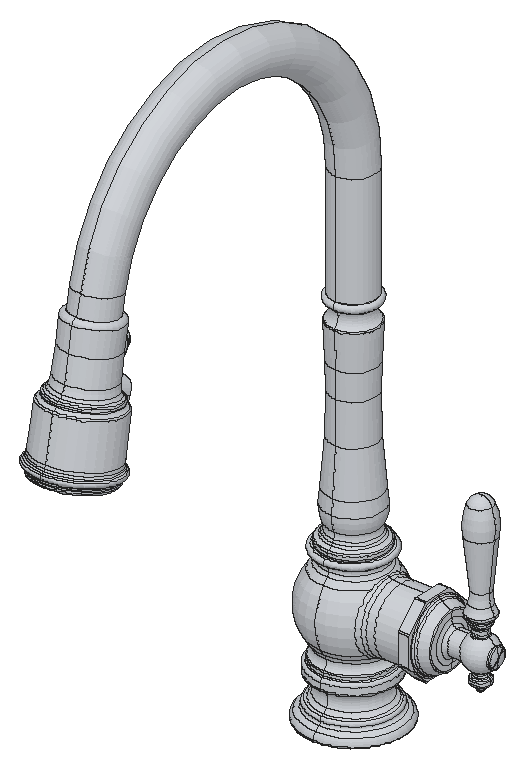
Revit family "Faucet-Kitchen-KOHLER-Artifacts-K-99259_1", category Plumbing Fixtures, host Face, Revit 2015 (continued)
Definition of nested family "K-99259"
  Lines and regions (in)
    Masking region 3
      outline origin (0, 0, 0) x (0, 1, 0) y (0, 0, 1)
        loop
          arc (-0.5625, 9.932) -> (-0.55335, 9.9099) -> (-0.53125, 9.90075) r 0.03125
          line (-0.53125, 9.90075) -> (-0.40181, 9.90075)
          arc (-0.40181, 9.90075) -> (-0.42274, 9.87944) -> (-0.45144, 9.87117) r 0.05874
          line (-0.45144, 9.87117) -> (-0.57431, 9.87117)
          arc (-0.57431, 9.87117) -> (-0.65595, 9.81487) -> (-0.63234, 9.71855) r 0.08734
          arc (-0.63234, 9.71855) -> (-0.61228, 9.70509) -> (-0.58934, 9.69749) r 0.08936
          arc (-0.58934, 9.69749) -> (-0.57368, 9.69138) -> (-0.56134, 9.67995) r 0.04508
          arc (-0.56134, 9.67995) -> (-0.50629, 9.46239) -> (-0.61941, 9.26856) r 0.29654
          arc (-0.61941, 9.26856) -> (-0.62961, 9.25569) -> (-0.63253, 9.23952) r 0.03373
          arc (-0.63253, 9.23952) -> (-0.60622, 8.77479) -> (-0.59029, 8.30959) r 20.87522
          line (-0.59029, 8.30959) -> (-0.57452, 7.62687)
          arc (-0.57452, 7.62687) -> (-0.57229, 7.09048) -> (-0.59035, 6.5544) r 14.17307
          arc (-0.59035, 6.5544) -> (-0.63126, 5.96327) -> (-0.69162, 5.37381) r 17.9792
          arc (-0.69162, 5.37381) -> (-0.71149, 5.18639) -> (-0.72654, 4.99852) r 7.32072
          arc (-0.72654, 4.99852) -> (-0.71372, 4.78872) -> (-0.64819, 4.58901) r 0.82313
          arc (-0.64819, 4.58901) -> (-0.62536, 4.49816) -> (-0.63948, 4.40556) r 0.23716
          arc (-0.63948, 4.40556) -> (-0.65473, 4.36965) -> (-0.6736, 4.3355) r 0.37838
          arc (-0.6736, 4.3355) -> (-0.69344, 4.30684) -> (-0.716, 4.28026) r 0.35537
          arc (-0.716, 4.28026) -> (-0.7626, 4.24026) -> (-0.81675, 4.21127) r 0.28264
          arc (-0.81675, 4.21127) -> (-0.83072, 4.19999) -> (-0.83597, 4.18282) r 0.03068
          line (-0.83597, 4.18282) -> (-0.83597, 4.08534)
          arc (-0.83597, 4.08534) -> (-0.8269, 4.06329) -> (-0.80493, 4.05402) r 0.03132
          line (-0.80493, 4.05402) -> (-0.89623, 4.05358)
          arc (-0.89623, 4.05358) -> (-0.96676, 4.00329) -> (-0.94217, 3.92023) r 0.07459
          arc (-0.94217, 3.92023) -> (-0.91591, 3.90174) -> (-0.88792, 3.88597) r 0.32051
          arc (-0.88792, 3.88597) -> (-0.87098, 3.87589) -> (-0.8557, 3.86344) r 0.1339
          arc (-0.8557, 3.86344) -> (-0.81527, 3.7998) -> (-0.80987, 3.72459) r 0.15409
          arc (-0.80987, 3.72459) -> (-0.82716, 3.66947) -> (-0.85786, 3.62054) r 0.22574
          arc (-0.85786, 3.62054) -> (-0.91865, 3.54587) -> (-0.97861, 3.47055) r 8.80401
          arc (-0.97861, 3.47055) -> (-1.25132, 2.75029) -> (-1.06234, 2.00369) r 1.28264
          arc (-1.06234, 2.00369) -> (-1.01432, 1.92941) -> (-0.9632, 1.85723) r 2.09464
          arc (-0.9632, 1.85723) -> (-0.92544, 1.79779) -> (-0.89651, 1.7336) r 0.49427
          arc (-0.89651, 1.7336) -> (-0.89141, 1.60216) -> (-0.96436, 1.49269) r 0.21338
          arc (-0.96436, 1.49269) -> (-0.97406, 1.48061) -> (-0.97752, 1.4655) r 0.03468
          line (-0.97752, 1.4655) -> (-0.97752, 1.38641)
          arc (-0.97752, 1.38641) -> (-0.98351, 1.36868) -> (-0.99903, 1.35823) r 0.02921
          arc (-0.99903, 1.35823) -> (-1.04803, 1.32522) -> (-1.06695, 1.26925) r 0.09224
          line (-1.06695, 1.26925) -> (-1.06695, 1.09475)
          arc (-1.06695, 1.09475) -> (-1.06187, 1.07869) -> (-1.04848, 1.06846) r 0.02794
          arc (-1.04848, 1.06846) -> (-0.85185, 0.87292) -> (-0.8756, 0.59664) r 0.32764
          arc (-0.8756, 0.59664) -> (-0.91448, 0.54188) -> (-0.96298, 0.49542) r 0.35494
          arc (-0.96298, 0.49542) -> (-0.99337, 0.47612) -> (-1.02707, 0.46347) r 0.17459
          arc (-1.02707, 0.46347) -> (-1.0726, 0.4273) -> (-1.0766, 0.36929) r 0.07205
          arc (-1.0766, 0.36929) -> (-1.07886, 0.31812) -> (-1.11651, 0.28339) r 0.06725
          arc (-1.11651, 0.28339) -> (-1.18414, 0.24877) -> (-1.24172, 0.19921) r 0.32068
          arc (-1.24172, 0.19921) -> (-1.29362, 0.1163) -> (-1.31256, 0.02033) r 0.26993
          arc (-1.31256, 0.02033) -> (-1.30678, 0.00597) -> (-1.29249, 0) r 0.02008
          line (-1.29249, 0) -> (1.29249, 0)
    symbolic lines, detail levels medium+fine
      curve 1: arc (0.56316, -1.11747, 0) -> (0.69855, -1.03823, 0) -> (0.82296, -0.94267, 0) r 1.25136
      curve 2: arc (0.56297, 0, 0) -> (0, 0.56297, 0) -> (-0.56297, 0, 0) r 0.56297
      curve 3: arc (0.56316, -0.68198, 0) -> (0, 0.88444, 0) -> (-0.56316, -0.68198, 0) r 0.88444
      curve 4: arc (0.56316, -0.44172, 0) -> (0, 0.71572, 0) -> (-0.56316, -0.44172, 0) r 0.71572
      curve 5: arc (0.56316, -0.32627, 0) -> (0, 0.65084, 0) -> (-0.56316, -0.32627, 0) r 0.65084
      curve 6: arc (0.56316, -0.57561, 0) -> (0, 0.80528, 0) -> (-0.56316, -0.57561, 0) r 0.80528
      curve 7: circle (3.30354, 0, 0) r 0.37864 normal (0, 0, 1)
      curve 8: spline (-0.5625, -8.39675, 0) -> (-0.54333, -8.53966, 0) -> (-0.48714, -8.67283, 0) -> (-0.39775, -8.78719, 0) -> (-0.28125, -8.87494, 0) -> (-0.14559, -8.9301, 0) -> (0, -8.94891, 0) -> (0.14559, -8.9301, 0) -> (0.28125, -8.87494, 0) -> (0.39775, -8.78719, 0) -> (0.48714, -8.67283, 0) -> (0.54333, -8.53966, 0) -> (0.5625, -8.39675, 0)
      curve 9: arc (-0.69371, -9.67102, 0) -> (-0.07028, -9.94472, 0) -> (0.58442, -9.75776, 0) r 1.00404
      curve 10: arc (-0.86159, -9.25845, 0) -> (-0.17749, -9.73517, 0) -> (0.62935, -9.52482, 0) r 0.99613
      curve 11: arc (-0.71797, -9.17423, 0) -> (-0.24977, -9.52892, 0) -> (0.33664, -9.49524, 0) r 0.84986
      curve 12: arc (-0.99227, -8.76235, 0) -> (-0.95749, -9.25431, 0) -> (-0.69371, -9.67102, 0) r 1.00908
      curve 13: arc (-0.98109, -8.63069, 0) -> (-0.97558, -8.95489, 0) -> (-0.86159, -9.25845, 0) r 0.95207
      curve 14: arc (-0.96133, -8.53712, 0) -> (-0.97247, -8.58364, 0) -> (-0.98109, -8.63069, 0) r 0.8865
      curve 15: arc (-0.84932, -8.67705, 0) -> (-0.82266, -8.93595, 0) -> (-0.71797, -9.17423, 0) r 0.83941
      curve 16: arc (-0.67208, -8.21897, 0) -> (-0.79722, -8.43388, 0) -> (-0.84932, -8.67705, 0) r 0.78985
      curve 17: arc (-0.45237, -9.0625, 0) -> (-0.20952, -9.19749, 0) -> (0.06688, -9.22576, 0) r 0.69004
      curve 18: arc (-0.69151, -8.55575, 0) -> (-0.62592, -8.8346, 0) -> (-0.45237, -9.0625, 0) r 0.68737
      curve 19: arc (-0.27667, -9.0625, 0) -> (0.02104, -9.114, 0) -> (0.31875, -9.0625, 0) r 0.88622
      curve 20: arc (-0.55323, -8.85183, 0) -> (-0.43132, -8.97866, 0) -> (-0.27667, -9.0625, 0) r 0.57272
      curve 21: arc (-0.69151, -8.55575, 0) -> (-0.63532, -8.70984, 0) -> (-0.55323, -8.85183, 0) r 0.94102
      curve 22: arc (-0.67208, -8.21897, 0) -> (-0.70897, -8.38579, 0) -> (-0.69151, -8.55575, 0) r 0.53615
      curve 23: arc (-0.56316, -8.0078, 0) -> (-0.62283, -8.1107, 0) -> (-0.67208, -8.21897, 0) r 1.20725
      curve 24: arc (0.99237, -8.77233, 0) -> (0.92922, -9.32335, 0) -> (0.58442, -9.75776, 0) r 1.00908
      curve 25: arc (0.98109, -8.63069, 0) -> (0.92629, -9.12538, 0) -> (0.62935, -9.52482, 0) r 0.95207
      curve 26: arc (0.96133, -8.53712, 0) -> (0.97247, -8.58364, 0) -> (0.98109, -8.63069, 0) r 0.8865
      curve 27: arc (0.84932, -8.67705, 0) -> (0.7224, -9.16724, 0) -> (0.33664, -9.49524, 0) r 0.83941
      curve 28: arc (0.67208, -8.21897, 0) -> (0.79722, -8.43388, 0) -> (0.84932, -8.67705, 0) r 0.78985
      curve 29: arc (0.69151, -8.55575, 0) -> (0.50706, -9.00996, 0) -> (0.06688, -9.22576, 0) r 0.68737
      curve 30: arc (0.69151, -8.55966, 0) -> (0.63875, -8.70632, 0) -> (0.5625, -8.84227, 0) r 0.94102
      curve 31: arc (0.67208, -8.21897, 0) -> (0.70897, -8.38579, 0) -> (0.69151, -8.55575, 0) r 0.53615
      curve 32: arc (0.56316, -8.0078, 0) -> (0.62283, -8.1107, 0) -> (0.67208, -8.21897, 0) r 1.20725
      curve 33: line (-0.56316, -7.95731, 0) -> (-0.56316, -8.39675, 0)
      curve 34: line (0.56316, -7.95731, 0) -> (0.56316, -8.39675, 0)
      curve 35: arc (-0.90918, -8.37863, 0) -> (-0.93747, -8.45715, 0) -> (-0.96133, -8.53712, 0) r 1.49482
      curve 36: arc (0.9036, -8.3646, 0) -> (0.93509, -8.44998, 0) -> (0.96133, -8.53712, 0) r 1.49482
      curve 37: arc (0.5625, -8.84227, 0) -> (0.45401, -8.9672, 0) -> (0.31875, -9.0625, 0) r 0.68547
      curve 38: line (-0.56316, -1.18554, 0) -> (-0.56316, 0, 0)
      curve 39: line (0.56316, -1.18554, 0) -> (0.56316, 0, 0)
      curve 40: arc (0.56316, -0.7752, 0) -> (0, 0.95816, 0) -> (-0.56316, -0.7752, 0) r 0.95816
      curve 41: arc (0.82296, 0.94267, 0) -> (0.90156, 0.89918, 0) -> (0.98541, 0.86696, 0) r 0.649
      curve 42: arc (0.82296, -0.94267, 0) -> (0.90156, -0.89918, 0) -> (0.98541, -0.86696, 0) r 0.649
      curve 43: arc (0.82296, 0.94267, 0) -> (-1.03823, 0.69855, 0) -> (-0.56316, -1.11747, 0) r 1.25136
      curve 44: line (2.68432, 0.31178, 0) -> (2.68432, -0.31178, 0)
      curve 45: line (2.54928, 0.51338, 0) -> (2.54928, -0.51338, 0)
      curve 46: line (2.25743, 0.83424, 0) -> (2.25743, -0.83837, 0)
      curve 47: line (1.91061, 0.84999, 0) -> (1.91061, -0.85084, 0)
      curve 48: arc (1.99181, 0.93458, 0) -> (1.93932, 0.67408, 0) -> (1.98188, 0.41177, 0) r 0.7429
      curve 49: arc (1.98416, 0.35848, 0) -> (1.93831, -0.00558, 0) -> (1.98744, -0.3692, 0) r 1.41751
      curve 50: arc (1.98626, -0.39362, 0) -> (1.9392, -0.66494, 0) -> (1.99536, -0.93452, 0) r 0.73445
      curve 51: arc (1.98188, 0.41177, 0) -> (1.98701, 0.38529, 0) -> (1.98416, 0.35848, 0) r 0.09087
      curve 52: arc (1.98744, -0.3692, 0) -> (1.98877, -0.3815, 0) -> (1.98626, -0.39362, 0) r 0.0398
      curve 53: arc (2.1296, 0.93218, 0) -> (2.18116, 0.67278, 0) -> (2.13858, 0.41177, 0) r 0.7429
      curve 54: arc (2.1363, 0.35848, 0) -> (2.18215, -0.00558, 0) -> (2.13302, -0.3692, 0) r 1.41751
      curve 55: arc (2.1342, -0.39362, 0) -> (2.18128, -0.66371, 0) -> (2.12604, -0.93224, 0) r 0.73445
      curve 56: arc (2.13858, 0.41177, 0) -> (2.13345, 0.38529, 0) -> (2.1363, 0.35848, 0) r 0.09087
      curve 57: arc (2.13302, -0.3692, 0) -> (2.13169, -0.3815, 0) -> (2.1342, -0.39362, 0) r 0.0398
      curve 58: line (2.95153, 0.31178, 0) -> (2.95153, 0.1395, 0)
      curve 59: line (2.9516, -0.31178, 0) -> (2.9516, -0.13968, 0)
      curve 60: line (3.65607, 0.26501, 0) -> (3.65608, 0.13812, 0)
      curve 61: line (3.70851, 0.26501, 0) -> (3.70712, -0.26496, 0)
      curve 62: line (3.6561, -0.13807, 0) -> (3.65611, -0.26496, 0)
      curve 63: line (-1.3125, 0, 0.02033) -> (1.31252, 0, 0.02033)
      curve 64: line (-1.11645, 0, 0.28339) -> (1.11646, 0, 0.28339)
      curve 65: line (-1.02701, 0, 0.46347) -> (1.02703, 0, 0.46347)
      curve 66: line (-1.07654, 0, 0.36929) -> (1.07655, 0, 0.36929)
      curve 67: line (-1.06689, 0, 1.26925) -> (1.0669, 0, 1.26925)
      curve 68: line (-1.06689, 0, 1.09475) -> (1.0669, 0, 1.09475)
      curve 69: line (-0.94211, 0, 3.92023) -> (0.94212, 0, 3.92023)
      curve 70: line (-0.80486, 0, 4.05402) -> (0.80488, 0, 4.05402)
      curve 71: line (-0.64813, 0, 4.58901) -> (0.64814, 0, 4.58901)
      curve 72: line (-0.83591, 0, 4.18282) -> (0.83592, 0, 4.18282)
      curve 73: line (-0.61934, 0, 9.26856) -> (0.61936, 0, 9.26856)
      curve 74: line (-0.63246, 0, 9.23952) -> (0.63248, 0, 9.23952)
      curve 75: line (3.65392, 0, 2.94365) -> (3.65392, 0, 2.41388)
      curve 76: line (3.72539, 0, 2.91465) -> (3.72539, 0, 2.44265)
      curve 77: line (2.95092, 0, 3.60165) -> (3.65615, 0, 3.60165)
      curve 78: line (2.95092, 0, 3.55146) -> (3.65615, 0, 3.55146)
      curve 79: line (3.08537, 0, 3.44987) -> (3.5217, 0, 3.44987)
      curve 80: line (3.07465, 0, 3.33882) -> (3.53242, 0, 3.33882)
      curve 81: line (3.11558, 0, 3.08042) -> (3.49149, 0, 3.08042)
      curve 82: line (2.94334, 0, 2.99043) -> (2.94396, 0, 2.36687)
      curve 83: line (2.6837, 0, 2.99043) -> (2.6837, 0, 2.36687)
      curve 84: line (2.54866, 0, 3.20451) -> (2.54866, 0, 2.15278)
      curve 85: line (2.21351, 0, 3.56043) -> (2.21351, 0, 1.79687)
      curve 86: line (1.90976, 0, 1.82787) -> (1.90976, 0, 3.52943)
      curve 87: arc (-0.16145, 0, 13.20654) -> (-0.03727, 0, 13.21017) -> (0.08696, 0, 13.20892) r 3.1613
      curve 88: arc (-0.40117, 0, 13.18163) -> (-0.28165, 0, 13.19736) -> (-0.16145, 0, 13.20654) r 2.20807
      curve 89: arc (-0.56419, 0, 13.13899) -> (-0.48372, 0, 13.1643) -> (-0.40117, 0, 13.18163) r 0.86354
      curve 90: arc (-0.71902, 0, 9.68554) -> (-0.02852, 0, 9.76305) -> (0.66312, 0, 9.69642) r 3.34961
      curve 91: arc (-0.88017, 0, 9.63834) -> (-0.80041, 0, 9.66473) -> (-0.71902, 0, 9.68554) r 1.21315
      curve 92: arc (-0.94713, 0, 9.6014) -> (-0.91504, 0, 9.62238) -> (-0.88017, 0, 9.63834) r 0.25593
      curve 93: arc (-0.9731, 0, 9.56388) -> (-0.96305, 0, 9.58467) -> (-0.94713, 0, 9.6014) r 0.07453
      curve 94: arc (-0.96462, 0, 9.52282) -> (-0.97408, 0, 9.54227) -> (-0.9731, 0, 9.56388) r 0.04388
      curve 95: arc (-0.5215, 0, 9.40157) -> (0.00001, 0, 9.37075) -> (0.52152, 0, 9.40157) r 4.42701
      curve 96: arc (0.88017, 0, 9.63834) -> (0.77299, 0, 9.67241) -> (0.66312, 0, 9.69642) r 1.21315
      curve 97: arc (0.94713, 0, 9.6014) -> (0.91504, 0, 9.62238) -> (0.88017, 0, 9.63834) r 0.25593
      curve 98: arc (0.9731, 0, 9.56388) -> (0.96305, 0, 9.58467) -> (0.94713, 0, 9.6014) r 0.07453
      curve 99: arc (0.96462, 0, 9.52282) -> (0.97408, 0, 9.54227) -> (0.9731, 0, 9.56388) r 0.04388
      curve 100: arc (0.56419, 0, 13.13899) -> (0.48372, 0, 13.1643) -> (0.40117, 0, 13.18163) r 0.86354
      curve 101: arc (0.40117, 0, 13.18163) -> (0.24456, 0, 13.20089) -> (0.08696, 0, 13.20892) r 2.20807
      curve 102: arc (-0.20541, 0, 12.48093) -> (-0.00564, 0, 12.48811) -> (0.19416, 0, 12.48152) r 2.90355
      curve 103: arc (-0.48358, 0, 12.4511) -> (-0.34477, 0, 12.46855) -> (-0.20541, 0, 12.48093) r 3.83157
      curve 104: arc (-0.64019, 0, 12.40657) -> (-0.56337, 0, 12.43407) -> (-0.48358, 0, 12.4511) r 0.61096
      curve 105: arc (-0.69121, 0, 12.36372) -> (-0.6688, 0, 12.38884) -> (-0.64019, 0, 12.40657) r 0.11732
      curve 106: arc (-0.25365, 0, 11.523) -> (-0.00365, 0, 11.52882) -> (0.24635, 0, 11.523) r 5.36918
      curve 107: arc (-0.57555, 0, 11.48501) -> (-0.41528, 0, 11.50971) -> (-0.25365, 0, 11.523) r 2.28819
      curve 108: arc (-0.78207, 0, 11.43013) -> (-0.67979, 0, 11.46126) -> (-0.57555, 0, 11.48501) r 1.49816
      curve 109: arc (-0.56526, 0, 11.3152) -> (-0.03689, 0, 11.35192) -> (0.49199, 0, 11.32362) r 4.31486
      curve 110: arc (-0.7971, 0, 11.27221) -> (-0.68174, 0, 11.29676) -> (-0.56526, 0, 11.3152) r 2.24396
      curve 111: arc (-0.88927, 0, 11.23806) -> (-0.8442, 0, 11.25788) -> (-0.7971, 0, 11.27221) r 0.4141
      curve 112: arc (-1.03041, 0, 9.92585) -> (-0.98749, 0, 9.94271) -> (-0.94327, 0, 9.95578) r 0.53004
      curve 113: arc (-0.94327, 0, 9.95578) -> (-0.02623, 0, 10.07068) -> (0.89202, 0, 9.96587) r 3.88765
      curve 114: arc (1.03041, 0, 9.92585) -> (0.96258, 0, 9.95058) -> (0.89202, 0, 9.96587) r 0.53004
      curve 115: arc (-0.88292, 0, 9.71317) -> (-0.18963, 0, 9.81604) -> (0.51053, 0, 9.78405) r 3.63765
      curve 116: arc (-1.01897, 0, 9.67632) -> (-0.95114, 0, 9.69545) -> (-0.88292, 0, 9.71317) r 3.40339
      curve 117: arc (1.01897, 0, 9.67632) -> (0.76681, 0, 9.7399) -> (0.51053, 0, 9.78405) r 3.40339
      curve 118: arc (0.57555, 0, 11.48501) -> (0.41528, 0, 11.50971) -> (0.25365, 0, 11.523) r 2.28819
      curve 119: arc (0.78207, 0, 11.43013) -> (0.67979, 0, 11.46126) -> (0.57555, 0, 11.48501) r 1.49816
      curve 120: arc (0.7971, 0, 11.27221) -> (0.64543, 0, 11.30318) -> (0.49199, 0, 11.32362) r 2.24396
      curve 121: arc (0.88927, 0, 11.23806) -> (0.8442, 0, 11.25788) -> (0.7971, 0, 11.27221) r 0.4141
      curve 122: arc (0.48358, 0, 12.4511) -> (0.33917, 0, 12.46915) -> (0.19417, 0, 12.48171) r 3.83157
      curve 123: arc (0.64019, 0, 12.40657) -> (0.56337, 0, 12.43407) -> (0.48358, 0, 12.4511) r 0.61096
      curve 124: arc (0.69121, 0, 12.36372) -> (0.6688, 0, 12.38884) -> (0.64019, 0, 12.40657) r 0.11732
      curve 125: spline (0, 0, 9.48681) -> (0.08667, 0, 9.48912) -> (0.16743, 0, 9.49588) -> (0.23679, 0, 9.50664) -> (0.29, 0, 9.52067) -> (0.32346, 0, 9.537) -> (0.33487, 0, 9.55452) -> (0.32346, 0, 9.57205) -> (0.29, 0, 9.58838) -> (0.23679, 0, 9.6024) -> (0.16743, 0, 9.61316) -> (0.08667, 0, 9.61992) -> (0, 0, 9.62223) -> (-0.08667, 0, 9.61992) -> (-0.16743, 0, 9.61316) -> (-0.23679, 0, 9.6024) -> (-0.29, 0, 9.58838) -> (-0.32346, 0, 9.57205) -> (-0.33487, 0, 9.55452) -> (-0.32346, 0, 9.537) -> (-0.29, 0, 9.52067) -> (-0.23679, 0, 9.50664) -> (-0.16743, 0, 9.49588) -> (-0.08667, 0, 9.48912) -> (0, 0, 9.48681)
      curve 126: arc (1.99431, 0, 3.61319) -> (1.93964, 0, 3.3668) -> (1.97502, 0, 3.11691) r 0.70673
      curve 127: arc (1.97911, 0, 3.01784) -> (1.93861, 0, 2.66478) -> (1.98557, 0, 2.31252) r 1.44382
      curve 128: arc (1.98402, 0, 2.27825) -> (1.94006, 0, 2.01017) -> (1.99514, 0, 1.74414) r 0.74495
      curve 129: arc (1.98557, 0, 2.31252) -> (1.98739, 0, 2.29527) -> (1.98402, 0, 2.27825) r 0.05787
      curve 130: arc (1.97502, 0, 3.11691) -> (1.98402, 0, 3.06766) -> (1.97911, 0, 3.01784) r 0.18009
      curve 131: arc (2.12138, 0, 3.61097) -> (2.17518, 0, 3.3656) -> (2.13975, 0, 3.11691) r 0.70673
      curve 132: arc (2.13565, 0, 3.01784) -> (2.17616, 0, 2.66478) -> (2.1292, 0, 2.31252) r 1.44382
      curve 133: arc (2.13075, 0, 2.27825) -> (2.17474, 0, 2.01135) -> (2.12052, 0, 1.74633) r 0.74495
      curve 134: arc (2.1292, 0, 2.31252) -> (2.12738, 0, 2.29527) -> (2.13075, 0, 2.27825) r 0.05787
      curve 135: arc (2.13975, 0, 3.11691) -> (2.13075, 0, 3.06766) -> (2.13565, 0, 3.01784) r 0.18009
      curve 136: line (0, -1.31256, 0.02033) -> (0, 1.31256, 0.02033)
      curve 137: line (0, -1.11651, 0.28339) -> (0, 1.11651, 0.28339)
      curve 138: line (0, -1.02707, 0.46347) -> (0, 1.02707, 0.46347)
      curve 139: line (0, -1.0766, 0.36929) -> (0, 1.0766, 0.36929)
      curve 140: line (0, -1.06695, 1.09475) -> (0, 1.06695, 1.09475)
      curve 141: line (0, -1.06695, 1.26925) -> (0, 1.06695, 1.26925)
      curve 142: line (0, -0.97752, 1.38641) -> (0, 0.97752, 1.38641)
      curve 143: arc (0, -0.31515, 3.67404) -> (0, 0, 1.63456) -> (0, 0.31515, 3.67404) r 1.04409
      curve 144: arc (0, 0.11854, 1.86819) -> (0, 0.8164, 2.61242) -> (0, 0.24763, 3.4594) r 0.81908
      curve 145: arc (0, -0.33636, 3.52704) -> (0, 0, 1.76601) -> (0, 0.33636, 3.52704) r 0.91264
      curve 146: circle (0, 0, 2.67865) r 0.236 normal (1, 0, 0)
      curve 147: line (0, -0.24836, 2.00376) -> (0, -0.24836, 2.07866)
      curve 148: arc (0, -0.24836, 2.07866) -> (0, -0.24348, 2.09491) -> (0, -0.23046, 2.10578) r 0.02948
      curve 149: arc (0, -0.23046, 2.10578) -> (0, -0.20843, 2.11837) -> (0, -0.18988, 2.13568) r 0.10989
      curve 150: arc (0, -0.18988, 2.13568) -> (0, -0.17803, 2.1514) -> (0, -0.16811, 2.16841) r 0.16772
      curve 151: arc (0, -0.16811, 2.16841) -> (0, -0.16034, 2.19009) -> (0, -0.15819, 2.21301) r 0.09206
      curve 152: arc (0, -0.15819, 2.21301) -> (0, -0.15977, 2.23209) -> (0, -0.16324, 2.25092) r 0.191
      curve 153: arc (0, -0.22617, 1.97508) -> (0, -0.24216, 1.98563) -> (0, -0.24836, 2.00376) r 0.02963
      curve 154: arc (0, -0.19374, 1.9567) -> (0, -0.20875, 1.96802) -> (0, -0.22617, 1.97508) r 0.07213
      curve 155: arc (0, -0.12177, 1.87272) -> (0, -0.15596, 1.91625) -> (0, -0.19374, 1.9567) r 0.64788
      curve 156: arc (0, -0.09839, 1.83786) -> (0, -0.1098, 1.85548) -> (0, -0.12177, 1.87272) r 0.64788
      curve 157: arc (0, -0.0594, 1.79267) -> (0, -0.08063, 1.81376) -> (0, -0.09839, 1.83786) r 0.19502
      curve 158: arc (0, 0, 1.768) -> (0, -0.03164, 1.77567) -> (0, -0.0594, 1.79267) r 0.1049
      curve 159: arc (0, -0.18864, 2.28229) -> (0, -0.43939, 2.67248) -> (0, -0.19959, 3.0695) r 0.4385
      curve 160: line (0, -0.18366, 3.09547) -> (0, -0.18366, 3.15366)
      curve 161: arc (0, -0.18366, 3.15366) -> (0, -0.18402, 3.20521) -> (0, -0.18512, 3.25674) r 3.63054
      curve 162: arc (0, -0.18512, 3.25674) -> (0, -0.18614, 3.27239) -> (0, -0.1883, 3.28793) r 0.2143
      curve 163: line (0, -0.25008, 3.41777) -> (0, -0.25008, 3.3629)
      curve 164: arc (0, -0.21817, 3.44968) -> (0, -0.24073, 3.44033) -> (0, -0.25008, 3.41777) r 0.03191
      curve 165: arc (0, -0.35261, 3.55127) -> (0, -0.35934, 3.57637) -> (0, -0.35261, 3.60146) r 0.05019
      curve 166: arc (0, -0.35261, 3.60146) -> (0, -0.30023, 3.7086) -> (0, -0.26304, 3.82191) r 0.86693
      curve 167: arc (0, -0.26304, 3.82191) -> (0, -0.23597, 3.97958) -> (0, -0.23378, 4.13954) r 1.02396
      curve 168: arc (0, -0.23378, 4.13954) -> (0, -0.28799, 4.7721) -> (0, -0.36866, 5.40183) r 15.14857
      curve 169: arc (0, -0.36866, 5.40183) -> (0, -0.37541, 5.76726) -> (0, -0.28806, 6.12216) r 1.41088
      curve 170: arc (0, -0.16324, 2.25092) -> (0, -0.17237, 2.2695) -> (0, -0.18864, 2.28229) r 0.04661
      curve 171: arc (0, -0.19959, 3.0695) -> (0, -0.18796, 3.08024) -> (0, -0.18366, 3.09547) r 0.02914
      curve 172: arc (0, -0.25008, 3.3629) -> (0, -0.24404, 3.34679) -> (0, -0.22889, 3.33863) r 0.02449
      curve 173: arc (0, -0.1883, 3.28793) -> (0, -0.19233, 3.30334) -> (0, -0.19881, 3.31791) r 0.09829
      curve 174: arc (0, -0.19881, 3.31791) -> (0, -0.21138, 3.33185) -> (0, -0.22889, 3.33863) r 0.04048
      curve 175: line (0, 0.24836, 2.00376) -> (0, 0.24836, 2.07866)
      curve 176: arc (0, 0.24836, 2.07866) -> (0, 0.24348, 2.09491) -> (0, 0.23046, 2.10578) r 0.02948
      curve 177: arc (0, 0.23046, 2.10578) -> (0, 0.20843, 2.11837) -> (0, 0.18988, 2.13568) r 0.10989
      curve 178: arc (0, 0.18988, 2.13568) -> (0, 0.17803, 2.1514) -> (0, 0.16811, 2.16841) r 0.16772
      curve 179: arc (0, 0.16811, 2.16841) -> (0, 0.16034, 2.19009) -> (0, 0.15819, 2.21301) r 0.09206
      curve 180: arc (0, 0.15819, 2.21301) -> (0, 0.15977, 2.23209) -> (0, 0.16324, 2.25092) r 0.191
      curve 181: arc (0, 0.22617, 1.97508) -> (0, 0.24216, 1.98563) -> (0, 0.24836, 2.00376) r 0.02963
      curve 182: arc (0, 0.19374, 1.9567) -> (0, 0.20875, 1.96802) -> (0, 0.22617, 1.97508) r 0.07213
      curve 183: arc (0, 0.12177, 1.87272) -> (0, 0.15596, 1.91625) -> (0, 0.19374, 1.9567) r 0.64788
      curve 184: arc (0, 0.09839, 1.83786) -> (0, 0.1098, 1.85548) -> (0, 0.12177, 1.87272) r 0.64788
      curve 185: arc (0, 0.0594, 1.79267) -> (0, 0.08063, 1.81376) -> (0, 0.09839, 1.83786) r 0.19502
      curve 186: arc (0, 0, 1.768) -> (0, 0.03164, 1.77567) -> (0, 0.0594, 1.79267) r 0.1049
      curve 187: arc (0, 0.18864, 2.28229) -> (0, 0.43939, 2.67248) -> (0, 0.19959, 3.0695) r 0.4385
      curve 188: line (0, 0.18366, 3.09547) -> (0, 0.18366, 3.15366)
      curve 189: arc (0, 0.18366, 3.15366) -> (0, 0.18402, 3.20521) -> (0, 0.18512, 3.25674) r 3.63054
      curve 190: arc (0, 0.18512, 3.25674) -> (0, 0.18614, 3.27239) -> (0, 0.1883, 3.28793) r 0.2143
      curve 191: line (0, 0.25008, 3.41777) -> (0, 0.25008, 3.3629)
      curve 192: arc (0, 0.21817, 3.44968) -> (0, 0.24073, 3.44033) -> (0, 0.25008, 3.41777) r 0.03191
      curve 193: arc (0, 0.35261, 3.55127) -> (0, 0.35934, 3.57637) -> (0, 0.35261, 3.60146) r 0.05019
      curve 194: arc (0, 0.35261, 3.60146) -> (0, 0.30023, 3.7086) -> (0, 0.26304, 3.82191) r 0.86693
      curve 195: arc (0, 0.26304, 3.82191) -> (0, 0.23597, 3.97958) -> (0, 0.23378, 4.13954) r 1.02396
      curve 196: arc (0, 0.23378, 4.13954) -> (0, 0.28799, 4.7721) -> (0, 0.36866, 5.40183) r 15.14857
      curve 197: arc (0, 0.36866, 5.40183) -> (0, 0.37541, 5.76726) -> (0, 0.28806, 6.12216) r 1.41088
      curve 198: arc (0, 0.16324, 2.25092) -> (0, 0.17237, 2.2695) -> (0, 0.18864, 2.28229) r 0.04661
      curve 199: arc (0, 0.19959, 3.0695) -> (0, 0.18796, 3.08024) -> (0, 0.18366, 3.09547) r 0.02914
      curve 200: arc (0, 0.25008, 3.3629) -> (0, 0.24404, 3.34679) -> (0, 0.22889, 3.33863) r 0.02449
      curve 201: arc (0, 0.1883, 3.28793) -> (0, 0.19233, 3.30334) -> (0, 0.19881, 3.31791) r 0.09829
      curve 202: arc (0, 0.19881, 3.31791) -> (0, 0.21138, 3.33185) -> (0, 0.22889, 3.33863) r 0.04048
      curve 203: arc (0, -0.35261, 3.55127) -> (0, -0.29569, 3.48684) -> (0, -0.21817, 3.44968) r 0.21631
      curve 204: arc (0, 0.35261, 3.55127) -> (0, 0.29569, 3.48684) -> (0, 0.21817, 3.44968) r 0.21631
      curve 205: arc (0, -0.28806, 6.12216) -> (0, -0.24146, 6.21725) -> (0, -0.17955, 6.30317) r 0.62803
      curve 206: arc (0, 0.28806, 6.12216) -> (0, 0.24146, 6.21725) -> (0, 0.17955, 6.30317) r 0.62803
      curve 207: arc (0, -0.17955, 6.30317) -> (0, 0, 6.37606) -> (0, 0.17955, 6.30317) r 0.2576
      curve 208: line (0, 0.06384, 2.78668) -> (0, -0.10803, 2.61481)
      curve 209: line (0, -0.06384, 2.57061) -> (0, 0.10803, 2.74249)
      curve 210: arc (0, -0.10803, 2.61481) -> (0, -0.13698, 2.58716) -> (0, -0.16715, 2.56086) r 0.87669
      curve 211: arc (0, -0.13696, 2.48646) -> (0, -0.10187, 2.52982) -> (0, -0.06384, 2.57061) r 0.79606
      curve 212: arc (0, 0.10803, 2.74249) -> (0, 0.14883, 2.78053) -> (0, 0.19217, 2.81564) r 0.79992
      curve 213: arc (0, 0.11583, 2.84265) -> (0, 0.09035, 2.81419) -> (0, 0.06384, 2.78668) r 1.03848
      curve 214: arc (0, 0.13252, 2.87393) -> (0, 0.12592, 2.85736) -> (0, 0.11583, 2.84265) r 0.08057
      curve 215: arc (0, -0.16715, 2.56086) -> (0, -0.18046, 2.55202) -> (0, -0.19536, 2.54625) r 0.07401
      curve 216: line (0, -0.80493, 4.05402) -> (0, -0.23184, 4.05402)
      curve 217: line (0, -0.64819, 4.58901) -> (0, -0.26955, 4.58901)
      curve 218: line (0, 0.64819, 4.58901) -> (0, 0.26955, 4.58901)
      curve 219: line (0, -0.83597, 4.18282) -> (0, -0.23664, 4.18282)
      curve 220: line (0, 0.83597, 4.18282) -> (0, 0.23664, 4.18282)
      curve 221: line (0, -0.83597, 4.08534) -> (0, -0.23172, 4.08534)
      curve 222: line (0, 0.83597, 4.08534) -> (0, 0.23172, 4.08534)
      curve 223: line (0, -0.40181, 9.90075) -> (0, 0.40181, 9.90075)
      curve 224: line (0, -0.45144, 9.87117) -> (0, 0.45144, 9.87117)
      curve 225: line (0, -0.58934, 9.69749) -> (0, 0.58934, 9.69749)
      curve 226: line (0, -0.61941, 9.26856) -> (0, 0.61941, 9.26856)
      curve 227: line (0, -0.5625, 12.80221) -> (0, 0.5625, 12.80221)
      curve 228: line (0, -8.85351, 13.69583) -> (0, -7.74858, 13.4842)
      curve 229: line (0, -8.94891, 13.20502) -> (0, -7.84474, 12.98955)
      curve 230: line (0, -10.09775, 9.94384) -> (0, -8.00106, 9.53629)
      curve 231: line (0, -9.94585, 10.4023) -> (0, -7.97016, 10.01827)
      curve 232: line (0, -9.41031, 9.62223) -> (0, -8.75892, 9.49561)
      curve 233: line (0, -9.5673, 11.52851) -> (0, -8.17486, 11.25785)
      curve 234: arc (0, -8.17486, 11.25785) -> (0, -8.06818, 11.23952) -> (0, -7.96081, 11.22586) r 2.48166
      curve 235: arc (0, -7.96081, 11.22586) -> (0, -7.91057, 11.22805) -> (0, -7.86317, 11.24484) r 0.17005
      curve 236: arc (0, -7.86317, 11.24484) -> (0, -7.84184, 11.26181) -> (0, -7.828, 11.2853) r 0.07481
      curve 237: line (0, -7.82783, 11.28524) -> (0, -7.78493, 11.40312)
      curve 238: arc (0, -7.91012, 12.56289) -> (0, -8.08941, 12.25588) -> (0, -8.03818, 11.90407) r 0.53821
      curve 239: arc (0, -7.76379, 12.68929) -> (0, -7.83674, 12.62584) -> (0, -7.91012, 12.56289) r 14.10085
      curve 240: arc (0, -8.03818, 11.90407) -> (0, -7.98704, 11.80221) -> (0, -7.93918, 11.69876) r 3.57017
      curve 241: line (0, -7.70484, 12.46444) -> (0, -7.80994, 11.92375)
      curve 242: line (0, 0.23184, 4.05402) -> (0, 0.80493, 4.05402)
      curve 243: arc (0, -0.24763, 3.4594) -> (0, -0.8164, 2.61242) -> (0, -0.11854, 1.86819) r 0.81908
      curve 244: line (0, -0.21817, 3.44968) -> (0, 0.21817, 3.44968)
      curve 245: line (0, -0.25008, 3.41777) -> (0, 0.25008, 3.41777)
      curve 246: line (0, -0.25008, 3.3629) -> (0, 0.25008, 3.3629)
      curve 247: line (0, -0.24836, 2.07866) -> (0, 0.24836, 2.07866)
      curve 248: line (0, -0.24836, 2.00376) -> (0, 0.24836, 2.00376)
      curve 249: line (0, -0.18864, 2.28229) -> (0, 0.18864, 2.28229)
      curve 250: circle (0, 0, 2.67865) r 0.30524 normal (1, 0, 0)
      curve 251: line (0, -0.39836, 3.60188) -> (0, -0.48044, 3.5198)
      curve 252: arc (0, -0.92161, 3.07864) -> (0, -0.93104, 3.06511) -> (0, -0.93521, 3.04915) r 0.04694
      curve 253: line (0, -0.93521, 3.04915) -> (0, -0.93521, 2.93114)
      curve 254: arc (0, -0.93521, 2.30815) -> (0, -0.93164, 2.29224) -> (0, -0.92161, 2.27938) r 0.03722
      curve 255: line (0, -0.92161, 2.27938) -> (0, -0.84211, 2.19989)
      curve 256: arc (0, -0.39836, 1.75614) -> (0, -0.38244, 1.74629) -> (0, -0.3638, 1.7446) r 0.04077
      curve 257: line (0, -0.3638, 1.7446) -> (0, -0.25676, 1.7446)
      curve 258: arc (0, 0.36386, 1.7446) -> (0, 0.38063, 1.74717) -> (0, 0.39586, 1.75463) r 0.0561
      curve 259: line (0, 0.39586, 1.75463) -> (0, 0.47647, 1.83524)
      curve 260: arc (0, 0.92406, 2.28283) -> (0, 0.93143, 2.30316) -> (0, 0.93393, 2.32464) r 0.09349
      curve 261: line (0, 0.93393, 2.32464) -> (0, 0.93393, 2.42148)
      curve 262: arc (0, 0.93393, 3.04055) -> (0, 0.93349, 3.05915) -> (0, 0.92406, 3.07519) r 0.03703
      curve 263: line (0, 0.92406, 3.07519) -> (0, 0.84246, 3.15679)
      curve 264: arc (0, 0.39586, 3.60339) -> (0, 0.38063, 3.61085) -> (0, 0.36386, 3.61342) r 0.0561
      curve 265: line (0, 0.36386, 3.61342) -> (0, 0.34584, 3.61342)
      curve 266: arc (0, -0.3638, 3.61342) -> (0, -0.38244, 3.61173) -> (0, -0.39836, 3.60188) r 0.04077
      curve 267: line (0, -0.34584, 3.61342) -> (0, -0.3638, 3.61342)
      curve 268: arc (0, -0.3593, 3.57824) -> (0, 0, 1.70996) -> (0, 0.3593, 3.57824) r 0.96869
      curve 269: line (0, -0.84115, 3.15909) -> (0, -0.92161, 3.07864)
      curve 270: line (0, -0.93521, 2.42616) -> (0, -0.93521, 2.30815)
      curve 271: line (0, -0.47876, 1.83654) -> (0, -0.39836, 1.75614)
      curve 272: line (0, 0.25676, 1.7446) -> (0, 0.36386, 1.7446)
      curve 273: line (0, 0.84341, 2.20217) -> (0, 0.92406, 2.28283)
      curve 274: line (0, 0.93393, 2.93582) -> (0, 0.93393, 3.04055)
      curve 275: line (0, 0.47814, 3.52111) -> (0, 0.39586, 3.60339)
  Dimensions and locks (in)
    aligned and locked: plane 2 to level
Types (5): name | Type | Model | Finish
  (no name) | 1 | "K-99259-CP" | Kohler-Metal-CP-Polished_Chrome
  CP - Polished Chrome | 1 | "K-99259-CP" | Kohler-Metal-CP-Polished_Chrome
  SN - Vibrant Polished Nickel | 2 | "K-99259-SN" | Kohler-Metal-SN-Vibrant_Polished_Nickel
  VS - Vibrant Stainless | 3 | "K-99259-VS" | Kohler-Metal-VS-Vibrant_Stainless
  2BZ - Oil-Rubbed Bronze | 4 | "K-99259-2BZ" | Kohler-Metal-2BZ-Oil_Rubbed_Bronze
